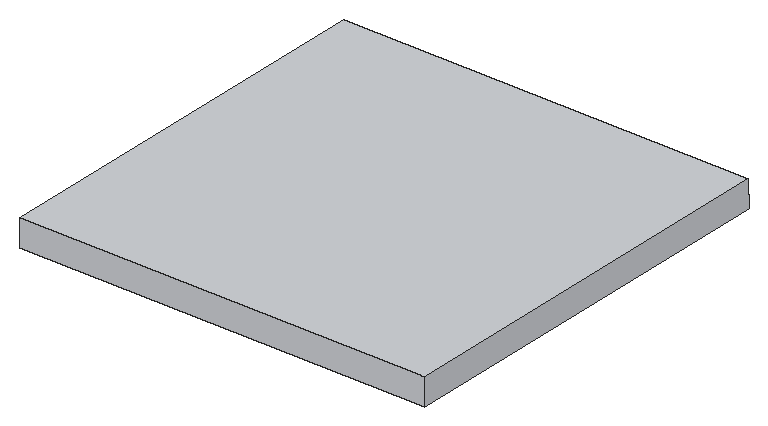
Revit family "1725_ TUPEX ELECTRIC_INL", category Lighting Fixtures, host Face, Revit 2016
Family settings
  Host = Face
  Part Type = Normal
  Round Connector Dimension = Use Diameter
  Cut with Voids When Loaded = No
  Light Source = Yes
  Shared = No
  Room Calculation Point = Yes
Parameters
  width = 600 mm
  volt = 220 V
  length = 600 mm
  depth = 20 mm
  Wattage = 32 W
  built-in parameter 1150110 = 1 (stored number, unit not read)
  built-in parameter 1114217 = 1 (stored number, unit not read)
  Tilt Angle = 60.00°
  built-in parameter 1150109 = 1 (stored number, unit not read)
  built-in parameter 1150134 = 3
  built-in parameter 1150113 = 1 (stored number, unit not read)
  Photometric Web File = "1725.IES"
  built-in parameter 1150105 = 219 (stored number, unit not read)
  Lumens = 2752 lm
  built-in parameter 1150115 = 1 (stored number, unit not read)
  built-in parameter 1150137 = (empty or 0)
  built-in parameter 1150139 = (empty or 0)
  built-in parameter 1150112 = 1 (stored number, unit not read)
  built-in parameter 1150114 = 1 (stored number, unit not read)
  built-in parameter 1150132 = (empty or 0)
  built-in parameter 1150102 = (empty or 0)
  built-in parameter 1150107 = 3200 (stored number, unit not read)
  built-in parameter 1150138 = (empty or 0)
  built-in parameter 1150106 = 2.19 (stored number, unit not read)
  built-in parameter 1150104 = 7.9897 (stored number, unit not read)
  Dimming Lamp Color Temperature Shift = (empty or 0)
  Default Elevation = 1219.2 mm
  Color Filter = 16777215
  built-in parameter 1114218 = 1 (stored number, unit not read)
  built-in parameter 1150133 = 10 (stored number, unit not read)
Reference planes
  plane 1 "Center (Front/Back)": y = 0
  plane 2: z = 0
  plane 3 "Center (Left/Right)": x = 0
  plane 4: x = 600
  plane 5: y = -600
  plane 6: z = 20
  plane 7: z = -20
  plane 8: y = -300
  plane 9: x = 300
Forms (mm)
  Extrusion 1, solid
    sketch origin (0, 0, 0) x (1, 0, 0) y (0, 0, 1)
      loop
        line (600, 20) -> (0, 20) -> (0, -20) -> (600, -20) -> (600, 20)
    from 0 to 600
Dimensions and locks
  "width": plane 3 "Center (Left/Right)" to plane 4
  "length": plane 5 to plane 1 "Center (Front/Back)"
  "depth": level to plane 6
  plane 7 to level = 20 mm
  aligned and locked: plane 2 to host face
  aligned and locked: level to host face
Automatic sketch dimensions
  host sketch curve to host sketch curve = 2438.4 mm  (x2)
  Extrusion 1 sketch curve to plane 6 = 0 mm
  Extrusion 1 sketch curve to plane 7 = 0 mm
  Extrusion 1 sketch curve to plane 3 "Center (Left/Right)" = 0 mm
  Extrusion 1 sketch curve to plane 4 = 0 mm
Connectors
  electrical at (300, -300, 20), driven by "volt"
    settings: on Extrusion 1, index 1, voltage 220 V, apparent load 0 VA, apparent load phase1 36 VA, apparent load phase2 0 VA, apparent load phase3 0 VA, power factor 1, load classification "Lighting", number of poles 1, system type 31, power factor state 1, is connector primary yes, connector utility no, sub classification motor no, connector description ""
